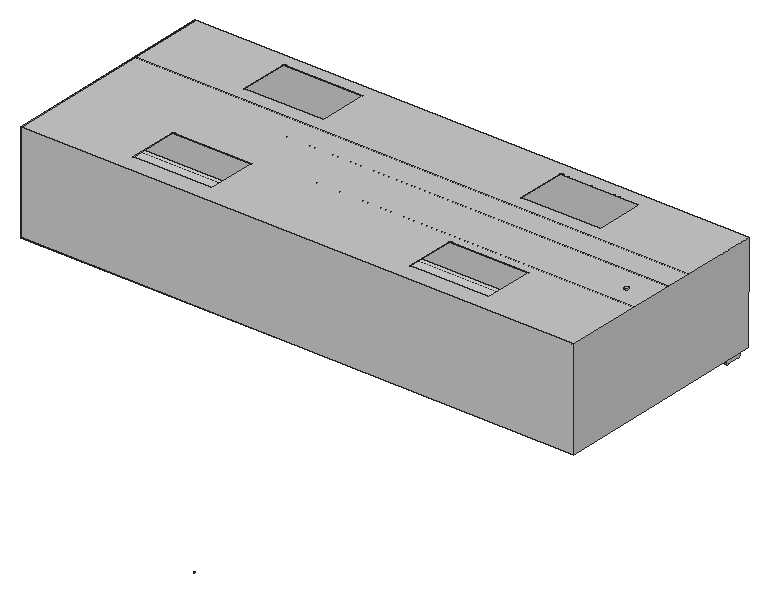
Revit family "QF_ELECTROLUXPROFESSIONAL_641253_STPF1128", category Attrezzature speciali, Revit 2021
Family settings
  Quota connettore circolare = Usa diametro
  Tipo di parte = Normale
  Basato su piano di lavoro = No
  Sempre verticale = Sì
  Taglio con vuoti quando caricato = No
  Condiviso = No
  Punto di calcolo locali = No
Parameters (values of type "Standard")
  Weight = 176.00 kg
  Watts = 240 W
  Volts = 220 V
  URL Manufacturer = "https://www.electroluxprofessional.com/"
  URL = "https://www.electroluxprofessional.com/"
  Steam Supply Size = 0 mm
  Steam Supply Minimum Pressure = 0.0 Pa
  Steam Supply Maximum Pressure = 0.0 Pa
  Steam Consumption per Hour = 0
  Refrigeration Suction Line Size = 0 mm
  Refrigeration Liquid Line Size = 0 mm
  Refrigerant Compressor Remote = yes
  Prospetto di default = 0 mm
  Produttore = "Electrolux Professional"
  Phase = 1
  Modello = "STPF1128"
  Length Actual = 2800 mm  # constant formula
  Item Number = "641253"
  Hot Water Size = 0 mm
  Height Actual = 500 mm  # constant formula
  HP = "0.3 HP"
  Gas Size = 0 mm
  Gas KW = 0
  Gas Input Pressure = 0 W
  Direct Waste Size = 0 mm
  Descrizione = "304 S/S WALL HOOD+FILTER+LAMPS 2800X1100"
  Depth Actual = 1100 mm  # constant formula
  Cycle = 50 Hz
  Condensate Return Size = 0 mm
  Compressed Air Volume = 0.0 L/s
  Compressed Air Size = 0 mm
  Compressed Air Pressure = 0.0 Pa
  Cold Water Size = 0 mm
  Accessory = yes
Reference planes
  plane 1: z = 0
  plane 2 "Center (Left/Right)": x = 150
  plane 3 "LEFT": x = -1250
  plane 4 "RIGHT": x = 1550
  plane 5 "BACK": y = 550
  plane 6 "TOP": z = 2500
  plane 7 "Base": z = 2000
  plane 8: z = 1955
  plane 9 "DrainY": y = 490
  plane 10: x = -1247
  plane 11 "DrainX": x = 1430
  plane 12 "AOLeft2": x = -350
  plane 13 "AORight1": x = 650
  plane 14: x = 1547
  plane 15: x = -1050
  plane 16: x = 1350
  plane 17 "Center (Front/Back)": y = -100
  plane 18 "Front": y = -550
  plane 19 "AOLeft1": x = -750
  plane 20 "AORight2": x = 1050
  plane 21: y = -464
  plane 22: y = -214
  plane 23: y = 240
  plane 24: y = 490
  plane 25 "EI_y": y = -70
  plane 26 "EIx": x = 1430
Forms (mm)
  Extrusion 1, solid, material "QF_Finishes_Stainless Steel"
    sketch origin (-1250, 0, 360) x (0, 1, 0) y (0, 0, 1)
      loop
        line (550, 1640) -> (550, 2140) -> (-550, 2140) -> (-550, 1640) -> (550, 1640)
    from 0 to 3
  Extrusion 2, solid, material "QF_Finishes_Stainless Steel"
    sketch origin (1550, 0, 360) x (0, 1, 0) y (0, 0, 1)
      loop
        line (550, 1640) -> (550, 2140) -> (-550, 2140) -> (-550, 1640) -> (550, 1640)
    from 0 to -3
  Extrusion 3, solid, material "QF_Finishes_Stainless Steel"
    sketch origin (150, 0, 360) x (0, 1, 0) y (0, 0, 1)
      loop
        line (-550, 2140) -> (-550, 1640) -> (-540, 1640) -> (-540, 1640.8) -> (-549.2, 1640.8) -> (-549.2, 2139.19) -> (549.2, 2139.19) -> (549.2, 1640.8) -> (540, 1640.8) -> (540, 1640) -> (550, 1640) -> (550, 2140) -> (-550, 2140)
    from -1400 to 1400
  Extrusion 4, solid, material "QF_Finishes_Stainless Steel"
    sketch origin (0, 0, 2000) x (0, 1, 0) y (-1, 0, 0)
      loop
        circle (490, -1430) r 4.763
    from -30 to 0
  Extrusion 5, void
    sketch origin (0, 0, 2500) x (0, 1, 0) y (-1, 0, 0)
      loop
        line (-214, 350) -> (-214, 750) -> (-464, 750) -> (-464, 350) -> (-214, 350)
    from 0 to -10
  Extrusion 6, solid, material "QF_Finishes_Stainless Steel"
    sketch origin (0, 0, 0) x (1, 0, 0) y (0, 1, 0)
      loop
        line (-1250, 550) -> (-1250, 549) -> (-1249, 549) -> (-1249, 550) -> (-1250, 550)
    from 0 to 1
  Extrusion 7, solid, material "QF_LAMPS"
    sketch origin (150, 0, 360) x (0, 1, 0) y (0, 0, 1)
      loop
        line (-172.823, 1962.324) -> (-18.948, 2086.929) -> (-27.129, 2097.032) -> (-181.003, 1972.426) -> (-172.823, 1962.324)
    from 1397 to -1397
  Sweep 8, solid, material "QF_Finishes_Stainless Steel"
    path origin (0, 0, 0) x (1, 0, 0) y (0, 1, 0)
      loop
        line (1550, 550) -> (-1250, 550) -> (-1250, -550) -> (1550, -550) -> (1550, 550)
    profile origin (1550, 0, 0) x (1, 0, 0) y (0, 0, 1)
      loop
        line (-3, 2000) -> (-3, 2000.8) -> (-19, 2000.8) -> (-19, 2010) -> (-20, 2010) -> (-20, 2000) -> (-3, 2000)
  Extrusion 9, solid, material "QF_Finishes_Stainless Steel"
    sketch origin (150, 0, 0) x (0, 1, 0) y (0, 0, 1)
      loop
        line (414.66, 2095.469) -> (440.643, 2110.471) -> (261.744, 2411.771) -> (235.948, 2396.455) -> (414.66, 2095.469)
    from -1397 to -1200
  Extrusion 10, void
    sketch origin (1134.605, 0, 2500) x (0, 1, 0) y (-1, 0, 0)
      loop
        line (-214, 84.605) -> (-214, 484.605) -> (-464, 484.605) -> (-464, 84.605) -> (-214, 84.605)
    from 0 to -10
  Extrusion 11, solid, material "QF_Finishes_Stainless Steel"
    sketch origin (1430, 0, 0) x (0, 1, 0) y (0, 0, 1)
      loop
        line (539, 2000) -> (441, 2000) -> (441, 1989) -> (448.5, 1989) -> (448.5, 1965)
        arc (448.5, 1965) -> (451.429, 1957.929) -> (458.5, 1955) r 10
        line (458.5, 1955) -> (521.5, 1955)
        arc (521.5, 1955) -> (528.571, 1957.929) -> (531.5, 1965) r 10
        line (531.5, 1965) -> (531.5, 1989) -> (539, 1989) -> (539, 2000)
    from 90 to -90
  Extrusion 12, solid, material "QF_Finishes_Stainless Steel"
    sketch origin (150, 0, 0) x (0, 1, 0) y (0, 0, 1)
      loop
        line (414.66, 2095.469) -> (440.643, 2110.471) -> (261.744, 2411.771) -> (235.948, 2396.455) -> (414.66, 2095.469)
    from 1200 to 1397
  Extrusion 13, solid, material "QF_Finished_Chrome"
    sketch origin (150, 0, 0) x (0, 1, 0) y (0, 0, 1)
      loop
        line (414.66, 2095.469) -> (440.643, 2110.471) -> (261.744, 2411.771) -> (235.948, 2396.455) -> (414.66, 2095.469)
    from -1200 to 1200
  Extrusion 14, void
    sketch origin (0, 1180, 2500) x (0, 1, 0) y (-1, 0, 0)
      loop
        line (-690, 350) -> (-690, 750) -> (-940, 750) -> (-940, 350) -> (-690, 350)
    from 0 to -10
  Extrusion 15, void
    sketch origin (1600, 1180, 2500) x (0, 1, 0) y (-1, 0, 0)
      loop
        line (-690, 550) -> (-690, 950) -> (-940, 950) -> (-940, 550) -> (-690, 550)
    from 0 to -10
  Extrusion 16, solid, material "QF_Finishes_Stainless Steel"
    sketch origin (0, 0, 2500) x (0, 1, 0) y (-1, 0, 0)
      loop
        circle (-70, -1430) r 10
    from 0 to 1.6
  Extrusion 17, solid, material "QF_Finishes_Stainless Steel"
    sketch origin (150, 0, 360) x (0, 1, 0) y (0, 0, 1)
      loop
        line (430.005, 1640) -> (540, 1640) -> (540, 1640.8) -> (430.467, 1640.8) -> (371.906, 1742.23) -> (414.858, 1734.657) -> (442.266, 1750.481) -> (442.266, 1765.943) -> (441.466, 1765.943) -> (441.466, 1750.943) -> (414.709, 1735.495) -> (321.153, 1751.991) -> (320.875, 1750.416) -> (371.4, 1741.507) -> (430.005, 1640)
      loop
        line (172.529, 2139.19) -> (242.893, 2017.316) -> (245.133, 2018.715) -> (240.13, 2027.381) -> (238.569, 2026.405) -> (173.453, 2139.19) -> (172.529, 2139.19)
    from -1397 to 1397
  Extrusion 18, solid, material "QF_Finishes_Stainless Steel"
    sketch origin (150, 200.8, 360) x (0, 1, 0) y (0, 0, 1)
      loop
        line (-750, 2139.19) -> (-750, 1640) -> (-686.602, 1640) -> (-599.146, 1690.493) -> (-610.058, 1709.394) -> (-666.564, 1676.77) -> (-714.704, 1680.982) -> (-749.2, 1730.248) -> (-749.2, 2139.19) -> (-750, 2139.19)
      loop
        line (-373.6, 1961.694) -> (-381.937, 1971.99) -> (-369.095, 1982.182) -> (-369.095, 2139.19) -> (-369.895, 2139.19) -> (-369.895, 1982.569) -> (-682.298, 1734.63) -> (-671.091, 1720.79) -> (-373.6, 1961.694)
      loop
        line (-227.61, 2099.216) -> (-218.171, 2087.559) -> (-154.411, 2139.19) -> (-155.682, 2139.19) -> (-218.052, 2088.684) -> (-226.989, 2099.719) -> (-227.61, 2099.216)
    from -1397 to 1397
  Extrusion 19, solid, material "QF_Finishes_Stainless Steel"
    sketch origin (0, 0, 2500) x (0, 1, 0) y (-1, 0, 0)
      loop
        circle (-70, -1430) r 10
    from 0 to 1.6
Cuts and joins
  Extrusion 5, Extrusion 10, Extrusion 14, Extrusion 15 cuts Extrusion 3
  joined: Extrusion 2, Extrusion 3, Sweep 8
Lines and regions (mm)
  symbolic lines, style "SpecialityEquipment", detail levels coarse
    curve 1: line (1550, 550, 2500) -> (-1250, 550, 2500)
    curve 2: line (-1250, 550, 2500) -> (-1250, -550, 2500)
    curve 3: line (1550, -550, 2500) -> (1550, 550, 2500)
    curve 4: line (-1250, 550, 0) -> (1550, -550, 0)
    curve 5: line (1550, 550, 0) -> (-1250, -550, 0)
    curve 6: line (-1250, -550, 0) -> (1550, -550, 0)
  symbolic lines, detail levels coarse
    curve 7: line (-750, 240, 2500) -> (-350, 240, 2500)
    curve 8: line (-750, 490, 2500) -> (-750, 240, 2500)
    curve 9: line (-350, 490, 2500) -> (-750, 490, 2500)
    curve 10: line (-350, 240, 2500) -> (-350, 490, 2500)
    curve 11: line (650, 490, 2500) -> (650, 240, 2500)
    curve 12: line (1050, 490, 2500) -> (650, 490, 2500)
    curve 13: line (650, 240, 2500) -> (1050, 240, 2500)
    curve 14: line (1050, 240, 2500) -> (1050, 490, 2500)
    curve 15: line (-750, -214, 2500) -> (-350, -214, 2500)
    curve 16: line (-750, -464, 2500) -> (-750, -214, 2500)
    curve 17: line (-350, -464, 2500) -> (-750, -464, 2500)
    curve 18: line (-350, -214, 2500) -> (-350, -464, 2500)
    curve 19: line (650, -214, 2500) -> (1050, -214, 2500)
    curve 20: line (650, -464, 2500) -> (650, -214, 2500)
    curve 21: line (1050, -464, 2500) -> (650, -464, 2500)
    curve 22: line (1050, -214, 2500) -> (1050, -464, 2500)
Dimensions and locks
  plane 3 "LEFT" to plane 4 "RIGHT" = 2800 mm
  equal spacing: plane 3 "LEFT", plane 2 "Center (Left/Right)", plane 4 "RIGHT"
  plane 7 "Base" to plane 8 = 45 mm
  plane 5 "BACK" to plane 9 "DrainY" = 60 mm  (x2)
  plane 3 "LEFT" to plane 10 = 3 mm
  plane 11 "DrainX" to plane 4 "RIGHT" = 120 mm
  plane 14 to plane 4 "RIGHT" = 3 mm
  plane 3 "LEFT" to plane 15 = 200 mm
  plane 16 to plane 4 "RIGHT" = 200 mm
  locked: plane 12 "AOLeft2" to plane 13 "AORight1" at 1000
  equal spacing: plane 12 "AOLeft2", plane 2 "Center (Left/Right)", plane 13 "AORight1"
  locked: plane 7 "Base" to level at 2000
  locked: plane 6 "TOP" to plane 7 "Base" at 500
  locked: plane 19 "AOLeft1" to plane 12 "AOLeft2" at 400
  locked: plane 13 "AORight1" to plane 20 "AORight2" at 400
  locked: plane 22 to plane 21 at 250
  locked: plane 21 to plane 18 "Front" at 86
  locked: plane 24 to plane 23 at 250
  locked: plane 5 "BACK" to plane 24 at 60
  locked: plane 25 "EI_y" to plane 18 "Front" at 480
  locked: plane 26 "EIx" to plane 4 "RIGHT" at 120
  locked: plane 5 "BACK" to plane 18 "Front" at 1100
  plane 5 "BACK" to plane 18 "Front" = 1100 mm
  aligned and locked: level to plane 1
  aligned and locked: plane 4 "RIGHT" to Extrusion 3
  aligned and locked: Extrusion 3 to plane 3 "LEFT"
  aligned and locked: Extrusion 2 to plane 14
  aligned and locked: Extrusion 9 to plane 10
  aligned and locked: Extrusion 5 to plane 19 "AOLeft1"
  aligned and locked: Extrusion 5 to plane 12 "AOLeft2"
  aligned and locked: plane 20 "AORight2" to Extrusion 10
  aligned and locked: plane 13 "AORight1" to Extrusion 10
  aligned and locked: plane 15 to Extrusion 9
  aligned and locked: plane 16 to Extrusion 12
  aligned and locked: plane 14 to Extrusion 12
  aligned and locked: Extrusion 13 to plane 15
  aligned and locked: Extrusion 13 to plane 16
  aligned and locked: plane 14 to Extrusion 7
  aligned and locked: Extrusion 7 to plane 10
  aligned and locked: Extrusion 14 to plane 23
  aligned and locked: plane 24 to Extrusion 14
  aligned and locked: plane 24 to Extrusion 15
  aligned and locked: Extrusion 15 to plane 23
  aligned and locked: plane 13 "AORight1" to Extrusion 15
  aligned and locked: plane 20 "AORight2" to Extrusion 15
  aligned and locked: Extrusion 14 to plane 19 "AOLeft1"
  aligned and locked: Extrusion 14 to plane 12 "AOLeft2"
  aligned and locked: Extrusion 17 to plane 10
  aligned and locked: plane 14 to Extrusion 17
  aligned and locked: Extrusion 5 to plane 21
  aligned and locked: plane 22 to Extrusion 5
  aligned and locked: Extrusion 10 to plane 21
  aligned and locked: Extrusion 18 to plane 10
  aligned and locked: plane 14 to Extrusion 18
Automatic sketch dimensions
  curve 6 to plane 3 "LEFT" = 0 mm
  curve 4 to plane 3 "LEFT" = 0 mm
  curve 5 to plane 4 "RIGHT" = 0 mm
  curve 6 to plane 4 "RIGHT" = 0 mm
  curve 4 to plane 18 "Front" = 0 mm
  curve 4 to plane 5 "BACK" = 0 mm
  curve 5 to plane 5 "BACK" = 0 mm
  Extrusion 1 sketch curve to plane 7 "Base" = 0 mm
  Extrusion 1 sketch curve to plane 18 "Front" = 0 mm
  Extrusion 1 sketch curve to plane 5 "BACK" = 0 mm
  Extrusion 1 sketch curve to plane 6 "TOP" = 0 mm
  Extrusion 2 sketch curve to plane 7 "Base" = 0 mm
  Extrusion 2 sketch curve to plane 18 "Front" = 0 mm
  Extrusion 2 sketch curve to plane 5 "BACK" = 0 mm
  Extrusion 2 sketch curve to plane 6 "TOP" = 0 mm
  Extrusion 3 sketch curve to plane 6 "TOP" = 0 mm
  Extrusion 3 sketch curve to plane 18 "Front" = 0 mm
  Extrusion 3 sketch curve to plane 7 "Base" = 0 mm  (x2)
  Extrusion 3 sketch curve to plane 5 "BACK" = 0 mm
  plane 18 "Front" to Extrusion 3 sketch curve = 0.8 mm
  Extrusion 3 sketch curve to Extrusion 3 sketch curve = 9.2 mm
  plane 7 "Base" to Extrusion 3 sketch curve = 0.8 mm  (x2)
  Extrusion 3 sketch curve to plane 5 "BACK" = 10 mm
  Extrusion 3 sketch curve to plane 5 "BACK" = 0.8 mm
  Extrusion 3 sketch curve to plane 6 "TOP" = 0.81 mm
  Extrusion 4 sketch curve to plane 9 "DrainY" = 0 mm
  Extrusion 4 sketch curve to plane 11 "DrainX" = 0 mm
  Extrusion 5 sketch curve to plane 12 "AOLeft2" = 0 mm
  Extrusion 5 sketch curve to plane 19 "AOLeft1" = 0 mm
  plane 21 to Extrusion 5 sketch curve = 0 mm
  Extrusion 5 sketch curve to plane 25 "EI_y" = 144 mm
  Extrusion 6 sketch curve to plane 3 "LEFT" = 0 mm
  Extrusion 6 sketch curve to plane 5 "BACK" = 0 mm
  plane 3 "LEFT" to Extrusion 6 sketch curve = 1 mm
  Extrusion 6 sketch curve to Extrusion 6 sketch curve = 1 mm
  plane 22 to Extrusion 7 sketch curve = 32.997 mm
  Extrusion 7 sketch curve to Extrusion 7 sketch curve = 8.181 mm  (x2)
  plane 25 "EI_y" to Extrusion 7 sketch curve = 42.871 mm
  Extrusion 7 sketch curve to plane 6 "TOP" = 177.676 mm
  Extrusion 7 sketch curve to Extrusion 7 sketch curve = 10.102 mm
  Extrusion 7 sketch curve to plane 6 "TOP" = 53.071 mm
  Extrusion 7 sketch curve to Extrusion 7 sketch curve = 10.103 mm
  Sweep 8 sketch curve to plane 3 "LEFT" = 0 mm
  Sweep 8 sketch curve to plane 4 "RIGHT" = 0 mm
  Sweep 8 sketch curve to plane 18 "Front" = 0 mm
  Sweep 8 sketch curve to plane 5 "BACK" = 0 mm
  profile plane to Sweep 8 sketch curve = 20 mm
  Sweep 8 sketch curve to Sweep 8 sketch curve = 1 mm
  profile plane to Sweep 8 sketch curve = 3 mm
  level to Sweep 8 sketch curve = 2000 mm
  Sweep 8 sketch curve to Sweep 8 sketch curve = 0.8 mm
  Sweep 8 sketch curve to Sweep 8 sketch curve = 9.2 mm
  Extrusion 9 sketch curve to plane 23 = 4.052 mm
  plane 23 to Extrusion 9 sketch curve = 21.744 mm
  Extrusion 9 sketch curve to plane 9 "DrainY" = 75.34 mm
  Extrusion 9 sketch curve to Extrusion 9 sketch curve = 25.983 mm
  plane 7 "Base" to Extrusion 9 sketch curve = 95.469 mm
  Extrusion 9 sketch curve to Extrusion 9 sketch curve = 15.001 mm
  Extrusion 9 sketch curve to plane 6 "TOP" = 103.545 mm
  Extrusion 9 sketch curve to Extrusion 9 sketch curve = 15.316 mm
  Extrusion 10 sketch curve to plane 20 "AORight2" = 0 mm
  Extrusion 10 sketch curve to plane 13 "AORight1" = 0 mm
  plane 21 to Extrusion 10 sketch curve = 0 mm
  Extrusion 10 sketch curve to plane 25 "EI_y" = 144 mm
  Extrusion 11 sketch curve to plane 8 = 0 mm
  Extrusion 11 sketch curve to plane 7 "Base" = 11 mm  (x2)
  Extrusion 11 sketch curve to plane 9 "DrainY" = 49 mm
  Extrusion 11 sketch curve to Extrusion 11 sketch curve = 7.5 mm  (x2)
  Extrusion 11 sketch curve to Extrusion 11 sketch curve = 10 mm
  Extrusion 11 sketch curve to plane 5 "BACK" = 28.5 mm
  Extrusion 11 sketch curve to plane 5 "BACK" = 18.5 mm
  plane 7 "Base" to Extrusion 11 sketch curve = 0 mm
  Extrusion 12 sketch curve to plane 23 = 4.052 mm
  plane 23 to Extrusion 12 sketch curve = 21.744 mm
  Extrusion 12 sketch curve to plane 9 "DrainY" = 75.34 mm
  Extrusion 12 sketch curve to Extrusion 12 sketch curve = 25.983 mm
  plane 7 "Base" to Extrusion 12 sketch curve = 95.469 mm
  Extrusion 12 sketch curve to Extrusion 12 sketch curve = 15.001 mm
  Extrusion 12 sketch curve to plane 6 "TOP" = 103.545 mm
  Extrusion 12 sketch curve to Extrusion 12 sketch curve = 15.316 mm
  Extrusion 13 sketch curve to plane 23 = 4.052 mm
  plane 23 to Extrusion 13 sketch curve = 21.744 mm
  Extrusion 13 sketch curve to plane 9 "DrainY" = 75.34 mm
  Extrusion 13 sketch curve to Extrusion 13 sketch curve = 25.983 mm
  plane 7 "Base" to Extrusion 13 sketch curve = 95.469 mm
  Extrusion 13 sketch curve to Extrusion 13 sketch curve = 15.001 mm
  Extrusion 13 sketch curve to plane 6 "TOP" = 103.545 mm
  Extrusion 13 sketch curve to Extrusion 13 sketch curve = 15.316 mm
  Extrusion 14 sketch curve to plane 12 "AOLeft2" = 0 mm
  Extrusion 14 sketch curve to plane 23 = 0 mm
  Extrusion 14 sketch curve to plane 9 "DrainY" = 0 mm
  Extrusion 14 sketch curve to plane 19 "AOLeft1" = 0 mm
  Extrusion 15 sketch curve to plane 20 "AORight2" = 0 mm
  Extrusion 15 sketch curve to plane 23 = 0 mm
  Extrusion 15 sketch curve to plane 9 "DrainY" = 0 mm
  Extrusion 15 sketch curve to plane 13 "AORight1" = 0 mm
  Extrusion 16 sketch curve to plane 25 "EI_y" = 0 mm
  Extrusion 16 sketch curve to plane 26 "EIx" = 0 mm
  Extrusion 17 sketch curve to plane 7 "Base" = 0 mm
  Extrusion 17 sketch curve to plane 6 "TOP" = 0.81 mm
  Extrusion 17 sketch curve to plane 23 = 67.471 mm
  Extrusion 17 sketch curve to Extrusion 17 sketch curve = 0.924 mm
  Extrusion 17 sketch curve to plane 23 = 1.431 mm
  plane 23 to Extrusion 17 sketch curve = 0.13 mm
  plane 23 to Extrusion 17 sketch curve = 2.893 mm
  Extrusion 17 sketch curve to Extrusion 17 sketch curve = 2.24 mm
  plane 23 to Extrusion 17 sketch curve = 80.875 mm
  Extrusion 17 sketch curve to Extrusion 17 sketch curve = 0.278 mm
  Extrusion 17 sketch curve to Extrusion 17 sketch curve = 50.525 mm
  Extrusion 17 sketch curve to Extrusion 17 sketch curve = 0.506 mm
  Extrusion 17 sketch curve to Extrusion 17 sketch curve = 42.803 mm
  Extrusion 17 sketch curve to Extrusion 17 sketch curve = 0.148 mm
  Extrusion 17 sketch curve to plane 9 "DrainY" = 59.995 mm
  plane 7 "Base" to Extrusion 17 sketch curve = 0.8 mm
  Extrusion 17 sketch curve to Extrusion 17 sketch curve = 0.462 mm  (x2)
  Extrusion 17 sketch curve to Extrusion 17 sketch curve = 109.533 mm
  Extrusion 17 sketch curve to Extrusion 17 sketch curve = 26.757 mm
  Extrusion 17 sketch curve to Extrusion 17 sketch curve = 0.8 mm
  plane 7 "Base" to Extrusion 17 sketch curve = 94.657 mm
  Extrusion 17 sketch curve to Extrusion 17 sketch curve = 0.838 mm
  Extrusion 17 sketch curve to Extrusion 17 sketch curve = 6.012 mm
  Extrusion 17 sketch curve to Extrusion 17 sketch curve = 0.723 mm
  Extrusion 17 sketch curve to Extrusion 17 sketch curve = 14.986 mm
  Extrusion 17 sketch curve to Extrusion 17 sketch curve = 15 mm
  Extrusion 17 sketch curve to plane 6 "TOP" = 122.684 mm
  Extrusion 17 sketch curve to Extrusion 17 sketch curve = 1.399 mm
  Extrusion 17 sketch curve to Extrusion 17 sketch curve = 9.089 mm
  Extrusion 17 sketch curve to Extrusion 17 sketch curve = 0.975 mm
  Extrusion 18 sketch curve to plane 7 "Base" = 0 mm
  Extrusion 18 sketch curve to Extrusion 18 sketch curve = 0.8 mm  (x2)
  plane 7 "Base" to Extrusion 18 sketch curve = 40.982 mm
  Extrusion 18 sketch curve to Extrusion 18 sketch curve = 35.296 mm
  Extrusion 18 sketch curve to Extrusion 18 sketch curve = 28.102 mm
  plane 7 "Base" to Extrusion 18 sketch curve = 94.63 mm
  Extrusion 18 sketch curve to Extrusion 18 sketch curve = 32.405 mm
  plane 7 "Base" to Extrusion 18 sketch curve = 80.79 mm
  Extrusion 18 sketch curve to Extrusion 18 sketch curve = 11.207 mm
  plane 7 "Base" to Extrusion 18 sketch curve = 36.77 mm
  Extrusion 18 sketch curve to Extrusion 18 sketch curve = 20.038 mm
  plane 7 "Base" to Extrusion 18 sketch curve = 69.394 mm
  Extrusion 18 sketch curve to Extrusion 18 sketch curve = 61.033 mm
  plane 7 "Base" to Extrusion 18 sketch curve = 50.493 mm
  Extrusion 18 sketch curve to Extrusion 18 sketch curve = 10.912 mm
  Extrusion 18 sketch curve to plane 6 "TOP" = 168.01 mm
  Extrusion 18 sketch curve to Extrusion 18 sketch curve = 228.121 mm
  Extrusion 18 sketch curve to plane 6 "TOP" = 178.306 mm
  Extrusion 18 sketch curve to Extrusion 18 sketch curve = 8.337 mm
  Extrusion 18 sketch curve to plane 6 "TOP" = 157.431 mm
  Extrusion 18 sketch curve to Extrusion 18 sketch curve = 12.042 mm
  Extrusion 18 sketch curve to plane 6 "TOP" = 157.818 mm
  Extrusion 18 sketch curve to plane 6 "TOP" = 40.784 mm
  Extrusion 18 sketch curve to Extrusion 18 sketch curve = 141.485 mm
  Extrusion 18 sketch curve to plane 6 "TOP" = 40.281 mm
  Extrusion 18 sketch curve to Extrusion 18 sketch curve = 0.622 mm
  Extrusion 18 sketch curve to plane 6 "TOP" = 52.441 mm
  Extrusion 18 sketch curve to plane 6 "TOP" = 51.316 mm
  Extrusion 18 sketch curve to plane 6 "TOP" = 0.81 mm  (x3)
  Extrusion 18 sketch curve to Extrusion 18 sketch curve = 62.37 mm
  Extrusion 18 sketch curve to Extrusion 18 sketch curve = 1.271 mm
  Extrusion 18 sketch curve to Extrusion 18 sketch curve = 49.266 mm
  Extrusion 19 sketch curve to plane 25 "EI_y" = 0 mm
  Extrusion 19 sketch curve to plane 26 "EIx" = 0 mm
  plane 18 "Front" to Extrusion 18 sketch curve = 0.8 mm
  curve 2 to plane 3 "LEFT" = 0 mm
  curve 2 to plane 18 "Front" = 0 mm
  curve 3 to plane 4 "RIGHT" = 0 mm
  curve 3 to plane 18 "Front" = 0 mm
  curve 21 to plane 13 "AORight1" = 0 mm
  curve 21 to plane 21 = 0 mm
  curve 18 to plane 12 "AOLeft2" = 0 mm
  curve 18 to plane 21 = 0 mm
  curve 19 to plane 20 "AORight2" = 0 mm
  curve 19 to plane 22 = 0 mm
  curve 15 to plane 22 = 0 mm
  curve 13 to plane 13 "AORight1" = 0 mm
  curve 13 to plane 23 = 0 mm
  curve 10 to plane 12 "AOLeft2" = 0 mm
  curve 10 to plane 23 = 0 mm
  curve 14 to plane 9 "DrainY" = 0 mm
  curve 10 to plane 9 "DrainY" = 0 mm
  curve 2 to plane 5 "BACK" = 0 mm
  curve 14 to plane 20 "AORight2" = 0 mm
  curve 17 to plane 19 "AOLeft1" = 0 mm
  curve 7 to plane 19 "AOLeft1" = 0 mm
  radius of Extrusion 4 sketch curve = 4.763 mm
  radius of Extrusion 16 sketch curve = 10 mm
  radius of Extrusion 19 sketch curve = 10 mm
Connectors
  piping at (1430, 490, 1970), diameter 9.5
    settings: on Extrusion 4, index 1, connector inside diameter 609.6 mm, connector length 0 mm, flow factor 0, pipe flow 0.0 L/s, pressure drop 0.0 Pa, fitting loss kfactor 0, connector angle 0.00°, fixture units 0, engagement length 0 mm, angle of deflection 0.00°, flow configuration 1, flow direction 2, fitting loss method 0, system type 16, joint type 0, gender type 0, connector reference index -1, connector utility 0, adjustable connector no, is connector primary yes, connector description "Drain"
  hvac at (-550, -339, 2500)
    settings: on Extrusion 5, index 2, duct flow 0.0 L/s, flow factor 0, pres drop 0.0 Pa, loss coef 0, conn angle 0.00°, conn width 250 mm, conn height 400 mm, conn diameter 609.6 mm, duct sys type 1, conn prof type 1, flow config 1, flow direction 1, loss method 0, conn ref index -1, conn util no, is conn primary yes, conn desc "AIR INLET"
  hvac at (850, -339, 2500)
    settings: on Extrusion 10, index 3, duct flow 0.0 L/s, flow factor 0, pres drop 0.0 Pa, loss coef 0, conn angle 0.00°, conn width 250 mm, conn height 400 mm, conn diameter 609.6 mm, duct sys type 1, conn prof type 1, flow config 1, flow direction 1, loss method 0, conn ref index -1, conn util no, is conn primary no, conn desc "AIR INLET"
  hvac at (-550, 365, 2500)
    settings: on Extrusion 14, index 4, duct flow 0.0 L/s, flow factor 0, pres drop 0.0 Pa, loss coef 0, conn angle 0.00°, conn width 250 mm, conn height 400 mm, conn diameter 609.6 mm, duct sys type 3, conn prof type 1, flow config 1, flow direction 2, loss method 0, conn ref index -1, conn util no, is conn primary no, conn desc "EXHAUST OUTLET"
  hvac at (850, 365, 2500)
    settings: on Extrusion 15, index 5, duct flow 0.0 L/s, flow factor 0, pres drop 0.0 Pa, loss coef 0, conn angle 0.00°, conn width 250 mm, conn height 400 mm, conn diameter 609.6 mm, duct sys type 3, conn prof type 1, flow config 1, flow direction 2, loss method 0, conn ref index -1, conn util no, is conn primary no, conn desc "EXHAUST OUTLET"
  electrical at (1430, -70, 2501.6), driven by "Volts"
    settings: on Extrusion 16, index 6, voltage 220 V, apparent load 0 VA, apparent load phase1 0 VA, apparent load phase2 0 VA, apparent load phase3 0 VA, power factor 1, load classification "Other", number of poles 1, system type 30, power factor state 1, is connector primary yes, connector utility no, sub classification motor no, connector description "Electrical Connection"
  electrical at (1430, -70, 2501.6)
    settings: on Extrusion 19, index 12, voltage 0 V, apparent load 0 VA, apparent load phase1 0 VA, apparent load phase2 0 VA, apparent load phase3 0 VA, power factor 1, load classification "Other", number of poles 1, system type 30, power factor state 1, is connector primary no, connector utility no, sub classification motor no, connector description ""
